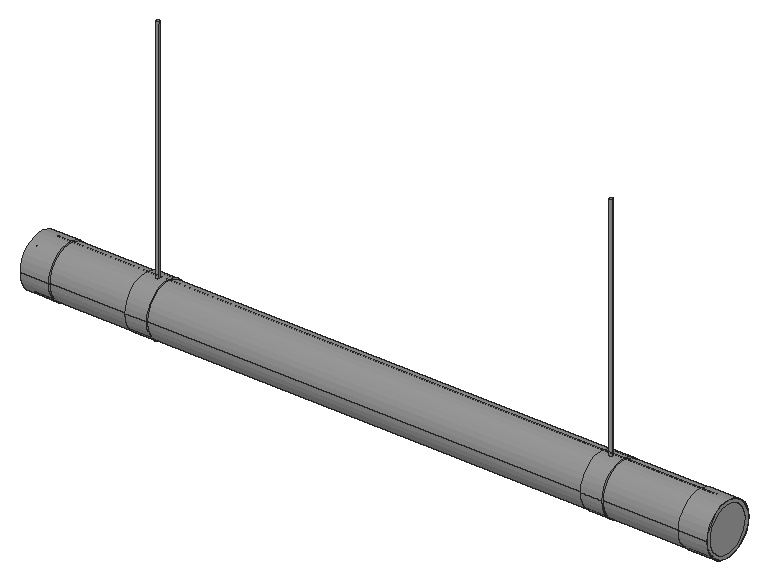
Revit family "JENNY_3000K_1395k", category Lighting Fixtures, host Ceiling, Revit 2021
Family settings
  Host = Ceiling
  Round Connector Dimension = Use Diameter
  Part Type = Normal
  OmniClass Number = 23.80.70.11
  OmniClass Title = Luminaries for Internal Lighting
  Always vertical = Yes
  Cut with Voids When Loaded = No
  Light Source = Yes
  Shared = No
  Room Calculation Point = No
Parameters (values of type "Type 1")
  Wattage = 9.39129 W
  built-in parameter 1150110 = 1 (stored number, unit not read)
  Type de lampe = "LED Edison"
  Type = "Tubulaire étanche"
  built-in parameter 1114217 = 1 (stored number, unit not read)
  Tilt Angle = 90.00°
  built-in parameter 1150109 = 1 (stored number, unit not read)
  built-in parameter 1150134 = (empty or 0)
  built-in parameter 1150113 = 1 (stored number, unit not read)
  SDCM = "<5"
  Puissance nominale = "15W"
  Poids = "0,7 kgs"
  Photometric Web File = "google_eulumdat_converter (6).ies"
  Matériau = "Polycarbonate"
  Maintien du flux = "L80B10 (50 000 heures)"
  Lumens = 1395 lm
  built-in parameter 1150115 = 1 (stored number, unit not read)
  built-in parameter 1150105 = 327.82 (stored number, unit not read)
  built-in parameter 1150137 = (empty or 0)
  built-in parameter 1150139 = (empty or 0)
  built-in parameter 1150112 = 1 (stored number, unit not read)
  built-in parameter 1150114 = 1 (stored number, unit not read)
  built-in parameter 1150132 = 2
  built-in parameter 1150102 = (empty or 0)
  built-in parameter 1150138 = (empty or 0)
  built-in parameter 1150107 = 3000 (stored number, unit not read)
  built-in parameter 1150106 = 3.2782 (stored number, unit not read)
  IRC = ">80"
  Emit from Line Length = 609.6 mm
  built-in parameter 1150104 = 13.8 (stored number, unit not read)
  Durée de vie = "50 000 heures"
  Driver = "Driver Lifud"
  Dimming Lamp Color Temperature Shift = <None>
  Dimensions = "Ø 45 x 600 mm"
  Diffuseur = "Opale"
  Default Elevation = 0 mm
  Color Filter = 16777215
  built-in parameter 1114218 = 1 (stored number, unit not read)
  built-in parameter 1150133 = 10 (stored number, unit not read)
  Angle d'éclairage = "120°"
  Alimentation = "AC 200-240V"
Reference planes
  plane 1 "Light Source Axis (F/B)": y = 0
  plane 2: z = 0
  plane 3 "Light Source Axis (L/R)": x = 0
  plane 4 "Ceiling": z = 4000
  plane 5 "Light Source Elevation": z = 3750
Forms (mm)
  Extrusion 1, solid, material "Glass, White, High Luminance"
    sketch origin (0, 0, 0) x (0, 1, 0) y (0, 0, 1)
      loop
        circle (0, 3772.5) r 22.5
      loop
        circle (0, 3772.5) r 20
    from -300 to 306.31
  Extrusion 2, solid, material "Aluminum"
    sketch origin (0, 0, 0) x (0, 1, 0) y (0, 0, 1)
      loop
        circle (0, 3772.5) r 23.001
    from 280.859 to 306.31
  Extrusion 3, solid, material "Aluminum"
    sketch origin (0, 0, 0) x (0, 1, 0) y (0, 0, -1)
      loop
        circle (0, -3772.5) r 23.001
    from 280.859 to 306.31
  Extrusion 4, solid, material "Aluminum"
    sketch origin (0, 0, 0) x (0, 1, 0) y (0, 0, 1)
      loop
        circle (0, 3772.5) r 22.5
      loop
        circle (0, 3772.5) r 23.001
    from 193.684 to 212.824
  Extrusion 5, solid, material "Aluminum"
    sketch origin (0, 0, 0) x (0, 1, 0) y (0, 0, -1)
      loop
        circle (0, -3772.5) r 22.5
      loop
        circle (0, -3772.5) r 23.001
    from 193.684 to 212.824
  Extrusion 6, solid, material "Glass, White, High Luminance"
    sketch origin (0, 0, 4000) x (0, 1, 0) y (-1, 0, 0)
      loop
        circle (0, 202.205) r 1.43
    from -205 to 0
  Extrusion 7, solid, material "Glass, White, High Luminance"
    sketch origin (0, 0, 4000) x (0, -1, 0) y (1, 0, 0)
      loop
        circle (0, 202.205) r 1.43
    from -205 to 0
Lines and regions (mm)
  reference lines
    curve 1: line (0, 0, 4000) -> (300, 0, 4000)
    curve 2: line (0, 0, 4000) -> (-300, 0, 4000)
    curve 3: line (0, 0, 3750) -> (0, 0, 3795)
Dimensions and locks
  equal spacing: host sketch curve, plane 3 "Light Source Axis (L/R)", host sketch curve
  equal spacing: host sketch curve, plane 1 "Light Source Axis (F/B)", host sketch curve
  host sketch curve to host sketch curve = 4000 mm  (x2)
  plane 4 "Ceiling" to host ceiling = 0 mm
  aligned and locked: plane 3 "Light Source Axis (L/R)" to imposter light
  aligned and locked: plane 1 "Light Source Axis (F/B)" to imposter light
  aligned and locked: plane 5 "Light Source Elevation" to imposter light
